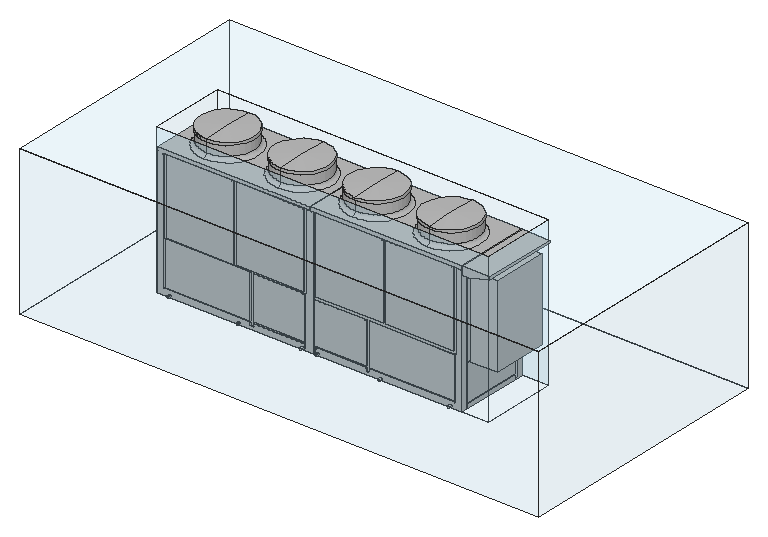
Revit family "VIESSMANN - Energycal AWH Pro AT 200-235", category Wyposażenie mechaniczne, Revit 2017
Family settings
  Wymiar okrągłego złącza = Użyj średnicy
  Typ części = Normalny
  Numer OmniClass = 23.75.10.21.11
  Tytuł OmniClass = Air-Source Heat Pumps
  Oparty na płaszczyźnie roboczej = Nie
  Zawsze pionowo = Tak
  Tnij formami wycięć po wczytaniu = Nie
  Współdzielony = Nie
  Punkt obliczania pomieszczeń = Nie
Parameters (values of type "Wielkość jednostki - 200")
  Zasilanie pomocnicze (V/ph/Hz) = "230/1N~/50+5%"
  Zasilanie elektryczne (V/ph/Hz) = "400/3N~/50+5%"
  Wysokość = 2390 mm
  Współczynnik mocy = 1  # constant formula
  Współczynnik efektywności [COP] (A7W45) = 3.28
  Viessmann Kolor 1 = Viessmann Kolor 2
  URL = "https://www.viessmann-projektant.pl/baza-urzadzen/pompy-ciepla-powietrzewoda-agregaty-wl-50-kw/energycal"
  Tył = 1657 mm
  Typ wymiennika po stronie grzewczej = "Plate exchanger"
  Typ wentylatora = "Osiowy"  # constant formula
  Typ sprężarki = "Reciprocating"
  Szerokość = 5390 mm
  Strefa serwisowa_wysokość = 1958 mm
  Strefa serwisowa_tył = 2000 mm
  Strefa serwisowa_szerokość = 1500 mm  # constant formula
  Strefa serwisowa_przód = 1000 mm
  Strefa serwisowa [instance] = yes
  Stopień wydajności = "4"
  Spadek ciśnienia wody (A7W45) = 25.0 kPa
  SCOP = 2.85
  Prąd nominalny wentylatora = 3.9 A  # constant formula
  Prąd nominalny silnika pompy obiegowej = 6.33 A
  Przód = 3677 mm
  Przepływ powietrza = 92400.0 m³/h
  Producent = "Viessmann Sp. z o.o"  # constant formula
  Połączenia hydrauliczne = 3"
  Poziom mocy akustycznej dB(A) = 97 mm
  Poziom mocy akustycznej - wersja super cicha SLN dB(A) = 0 mm
  Poziom mocy akustycznej - wersja cicha LN dB(A) = 95 mm
  Poziom ciśnienia akustycznego dB(A) = 65 mm
  Poziom ciśnienia akustycznego - wersja super cicha SLN dB(A) = 0 mm
  Poziom ciśnienia akustycznego - wersja cicha LN dB(A) = 59 mm
  Pojemność zbiornika buforowego = 450.00 m³
  Pobór mocy elektrycznej (A7W45) = 62.7 kW
  Opis = "Energycal AWH Pro AT to typoszereg wysokotemperaturowych pomp ciepła z czynnikiem chłodniczym R134a lub R513A osiągających na zasilaniu temperatury wody do 80°C."
  Obciążenie pozorne = Maksymalna moc pobierania / Współczynnik mocy  # 121400 VA
  Nominalna moc pompy = 3 kW
  Nominalna moc grzewcza (A7W45) = 205.6 kW
  Natężenie przepływu wody (A7W45) l/h = 35593
  Natężenie przepływu wody (A7W45) = [Natężenie przepływu wody (A7W45) l/h] / 3600 * 1.0 L/s  # 9.88694 L/s
  Napięcie zasilania = 400 V
  Naczynie wzbiorcze = 18.00 m³
  Model = "Powietrzna pompa ciepła Energycal AWH PRO AT / Air-water heat pump Energycal AWH PRO AT "  # constant formula
  Moc nominalna wentylatora = 1.6 kW  # constant formula
  Moc nominalna silnika pompy obiegowej = 3 kW
  Maksymalny prąd rozruchowy = 491.2 A
  Maksymalny pobór prądu = 257.6 A
  Maksymalna moc pobierania = 121.4 kW
  Liczba wentylatorów = 4
  Liczba biegunów = 3  # constant formula
  Klasa energetyczna = "A+"
  Ilość/Obiegi chłodnicze sprężarki (nr/nr) = "2/2"
  Głębokość = 1208 mm
  Efektywność sezonowa ηs = "110.9 %"
  Częstotliwość = 50 Hz  # constant formula
  Ciśnienie podnoszenia pompy (A7W45) = 173.0 kPa
  Całkowite napełnienie olejem = 14.80 kg
  Całkowite napełnienie czynnikiem chłodniczym = 73.00 kg
  Autor = "www.archispace.pl"
Reference planes
  plane 1 "Środek (Przód/Tył)": y = 0
  plane 2: z = 0
  plane 3 "Środek (Lewa/Prawa)": x = 0
  plane 4: z = 2390
  plane 5: y = 1500
  plane 6: y = -1208
  plane 7: y = -2708
  plane 8: x = -1657
  plane 9: x = 3677
  plane 10: x = -2657
  plane 11: x = 5677
  plane 12: y = 1500
  plane 13: y = -2708
  plane 14: x = -1357
Forms (mm)
  Extrusion 1, solid, material "Viessmann Strefy Serwisowe", visible <- "Strefa serwisowa"
    sketch origin (0, 0, 0) x (0, 1, 0) y (0, 0, 1)
      loop
        line (1500, 2390) -> (0, 2390) -> (0, 0) -> (1500, 0) -> (1500, 2390)
      loop
        line (-2708, 0) -> (-1208, 0) -> (-1208, 2390) -> (-2708, 2390) -> (-2708, 0)
    from -1657 to 3677
  Extrusion 2, solid, material "Viessmann Strefy Serwisowe", visible <- "Strefa serwisowa"
    sketch origin (0, 0, 0) x (1, 0, 0) y (0, 1, 0)
      loop
        line (-1657, 1500) -> (-2657, 1500) -> (-2657, -2708) -> (-1657, -2708) -> (-1657, 1500)
      loop
        line (3677, 1500) -> (3677, -2708) -> (5677, -2708) -> (5677, 1500) -> (3677, 1500)
    from 0 to 2390
  Extrusion 3, solid, not visible
    sketch origin (0, 0, 0) x (0, 1, 0) y (0, 0, 1)
      loop
        circle (-604, 1625.135) r 60
      loop
        circle (-604, 1296.727) r 60
    from 3233 to 3677
  Extrusion 4, solid, not visible
    sketch origin (0, 0, 0) x (0, 1, 0) y (0, 0, 1)
      loop
        circle (-1066.518, 524.225) r 40
      loop
        circle (-1066.518, 174.715) r 40
    from -1666.075 to -1357
Cuts and joins
  joined: Extrusion 1, Extrusion 2
Dimensions and locks
  "Wysokość": plane 4 to level
  locked: plane 5 to plane 1 "Środek (Przód/Tył)" at 1500
  locked: plane 6 to plane 7 at 1500
  "Strefa serwisowa_tył": plane 9 to plane 11
  "Strefa serwisowa_przód": plane 10 to plane 8
  "Głębokość": plane 1 "Środek (Przód/Tył)" to plane 6
  "Głębokość": plane 6 to plane 1 "Środek (Przód/Tył)"
  "Przód": plane 3 "Środek (Lewa/Prawa)" to plane 9
  "Tył": plane 8 to plane 3 "Środek (Lewa/Prawa)"
  plane 13 to plane 6 = 1500 mm
  plane 1 "Środek (Przód/Tył)" to plane 12 = 1500 mm
  plane 4 to level = 2390 mm
  locked: plane 14 to plane 8 at 300
  aligned and locked: level to plane 2
  aligned and locked: Extrusion 1 sketch curve to plane 4
  aligned and locked: Extrusion 1 sketch curve to plane 5
  aligned and locked: Extrusion 1 sketch curve to level
  aligned and locked: plane 7 to Extrusion 1 sketch curve
  aligned and locked: plane 8 to Extrusion 1
  aligned and locked: Extrusion 2 sketch curve to plane 10
  aligned and locked: plane 8 to Extrusion 2 sketch curve
  aligned and locked: plane 9 to Extrusion 2 sketch curve
  aligned and locked: Extrusion 2 sketch curve to plane 11
  aligned and locked: plane 1 "Środek (Przód/Tył)" to cut or joined group of Extrusion 1, Extrusion 2
  aligned and locked: cut or joined group of Extrusion 1, Extrusion 2 to plane 6
  aligned and locked: plane 9 to cut or joined group of Extrusion 1, Extrusion 2
  aligned and locked: cut or joined group of Extrusion 1, Extrusion 2 to plane 12
  aligned and locked: plane 13 to cut or joined group of Extrusion 1, Extrusion 2
  aligned and locked: cut or joined group of Extrusion 1, Extrusion 2 to cut or joined group of Extrusion 1, Extrusion 2
  aligned and locked: nested 1 to Extrusion 3  (x2)
  aligned and locked: plane 14 to Extrusion 4
  aligned and locked: nested 1 to Extrusion 4
Automatic sketch dimensions
  Extrusion 2 sketch curve to plane 5 = 0 mm
  Extrusion 2 sketch curve to plane 7 = 0 mm
  plane 5 to Extrusion 2 sketch curve = 0 mm
  plane 7 to Extrusion 2 sketch curve = 0 mm
  Extrusion 1 sketch curve to plane 4 = 0 mm
  Extrusion 1 sketch curve to plane 6 = 0 mm
  Extrusion 1 sketch curve to plane 1 "Środek (Przód/Tył)" = 0 mm
  level to Extrusion 1 sketch curve = 0 mm
  Extrusion 3 sketch curve to plane 6 = 604 mm
  Extrusion 3 sketch curve to Extrusion 3 sketch curve = 0 mm
  Extrusion 3 sketch curve to plane 4 = 1093.273 mm
  Extrusion 3 sketch curve to Extrusion 3 sketch curve = 328.408 mm
  Extrusion 4 sketch curve to plane 6 = 141.482 mm  (x2)
  level to Extrusion 4 sketch curve = 174.715 mm
  Extrusion 4 sketch curve to Extrusion 4 sketch curve = 349.51 mm
  radius of Extrusion 3 sketch curve = 60 mm  (x2)
  radius of Extrusion 4 sketch curve = 40 mm  (x2)
Nested families
  nested 1: "AWH PRO AT EVO 200-235" at (0, -1238, 0) x (-1, 0, 0) z (0, 0, 1), type "AWH PRO AT EVO 200-235"
Connectors
  electrical at (3677, -604, 1296.727)
    settings: on Extrusion 3, index 1, voltage 0 V, apparent load 0 VA, apparent load phase1 0 VA, apparent load phase2 0 VA, apparent load phase3 0 VA, power factor 1, load classification "Inne", number of poles 1, system type 13, power factor state 1, is connector primary yes, connector utility no, sub classification motor no, connector description ""
  electrical at (3677, -604, 1625.135), driven by "Liczba biegunów", driven by "Napięcie zasilania", driven by "Obciążenie pozorne", driven by "Współczynnik mocy"
    settings: on Extrusion 3, index 2, voltage 400 V, apparent load 121400 VA, apparent load phase1 0 VA, apparent load phase2 0 VA, apparent load phase3 0 VA, power factor 1, load classification "Moc", number of poles 3, system type 30, power factor state 1, is connector primary no, connector utility no, sub classification motor no, connector description ""
  piping at (-1666.075, -1066.518, 524.225), diameter 76.2, driven by "Połączenia hydrauliczne", driven by "Natężenie przepływu wody (A7W45)"
    settings: on Extrusion 4, index 4, connector inside diameter 24", connector length 0 mm, flow factor 0, pipe flow 9.88694 L/s, pressure drop 0.0 Pa, fitting loss kfactor 0, connector angle 0.00°, fixture units 0, engagement length 0 mm, angle of deflection 0.00°, flow configuration 1, flow direction 1, fitting loss method 0, system type 8, joint type 0, gender type 0, connector reference index -1, connector utility 0, adjustable connector no, is connector primary yes, connector description ""
  piping at (-1666.075, -1066.518, 174.715), diameter 76.2, driven by "Natężenie przepływu wody (A7W45)", driven by "Połączenia hydrauliczne"
    settings: on Extrusion 4, index 6, connector inside diameter 24", connector length 0 mm, flow factor 0, pipe flow 9.88694 L/s, pressure drop 0.0 Pa, fitting loss kfactor 0, connector angle 0.00°, fixture units 0, engagement length 0 mm, angle of deflection 0.00°, flow configuration 1, flow direction 2, fitting loss method 0, system type 7, joint type 0, gender type 0, connector reference index -1, connector utility 0, adjustable connector no, is connector primary no, connector description ""
Definition of nested family "AWH PRO AT EVO 200-235"
  Parameters (values of type "AWH PRO AT EVO 200-235")
    Wysokość = 2388 mm
    URL = ""
    Szerokość = 1208 mm
    Manufacturer = ""
    Podłączenie Uout wysokość = 187 mm
    Podłączenie Uin wysokość = 524 mm
    Podłączenie Rout wysokość = 1337 mm
    Podłączenie Rin wysokość = 947 mm
    Description = ""
    Model = ""
    Materiał2 = none
    Materiał = none
    Długość = 4888 mm
  Reference planes
    plane 1 "Środek (Przód/Tył)": y = -30
    plane 2: z = 0
    plane 3 "Środek (Lewa/Prawa)": x = 0
    plane 4: y = -1238
    plane 5: z = 2106
    plane 6: x = 1754
    plane 7: x = -1714
    plane 8: x = 1714
    plane 9: z = 2388
    plane 10: x = -3134
    plane 11: y = -634
    plane 12: y = -634
    plane 13: y = -634
    plane 14: y = -634
    plane 15: y = -634
    plane 16: y = -634
    plane 17: y = -634
    plane 18: y = -634
  Forms (mm)
    Extrusion 1, solid, material <- "Materiał", not visible, detail levels fine
      sketch origin (0, -734, 0) x (1, 0, 0) y (0, 1, 0)
        loop
          line (-3134, 704) -> (-3134, -504) -> (1754, -504) -> (1754, 704) -> (-3134, 704)
      from 0 to 2106
    Extrusion 2, void, not visible
      sketch origin (0, -734, 0) x (1, 0, 0) y (0, 1, 0)
        loop
          line (1754, 664) -> (-3134, 664) -> (-3134, -464) -> (1754, -464) -> (1754, 664)
      from 0 to 20
    Extrusion 3, solid, material <- "Materiał", not visible, detail levels coarse
      sketch origin (0, 0, 0) x (1, 0, 0) y (0, 1, 0)
        loop
          line (-3134, -30) -> (-3134, -1238) -> (1754, -1238) -> (1754, -30) -> (-3134, -30)
      from 0 to 2106
    Extrusion 4, solid, material <- "Materiał", not visible, detail levels medium
      sketch origin (0, -30, 0) x (1, 0, 0) y (0, 0, 1)
        loop
          line (-3134, 2106) -> (-3134, 0) -> (1765.075, 0) -> (1765.075, 2106) -> (-3134, 2106)
      from 0 to 1208
    Revolve 5, solid, material <- "Materiał", not visible, detail levels medium
      sketch origin (-1344.474, 0, 0) x (0, 1, 0) y (0, 0, 1)
        loop
          line (-634, 2106) -> (-634, 2388) -> (-1065, 2388) -> (-1065, 2331) -> (-1055, 2331) -> (-1055, 2171) -> (-1113.526, 2106) -> (-634, 2106)
        axis (-634, 2388) -> (-634, 2106)
      angle from 0 to 360
    Revolve 6, solid, material <- "Materiał", not visible, detail levels medium
      sketch origin (-65.176, 0, 0) x (0, 1, 0) y (0, 0, 1)
        loop
          line (-634, 2106) -> (-634, 2388) -> (-1065, 2388) -> (-1065, 2331) -> (-1055, 2331) -> (-1055, 2171) -> (-1113.526, 2106) -> (-634, 2106)
        axis (-634, 2388) -> (-634, 2106)
      angle from 0 to 360
    Extrusion 7, solid, material <- "Materiał", not visible, detail levels coarse
      sketch origin (-2308.294, 0, 0) x (-1, 0, 0) y (0, -1, 0)
        loop
          circle (176.18, 634) r 479.526
        loop
          circle (-963.82, 634) r 479.526
        loop
          circle (-2243.118, 634) r 479.526
        loop
          circle (-3412.768, 634) r 479.526
      from 2106 to 2388
    Revolve 8, solid, material <- "Materiał", not visible, detail levels medium
      sketch origin (-2484.474, 0, 0) x (0, 1, 0) y (0, 0, 1)
        loop
          line (-634, 2106) -> (-634, 2388) -> (-1065, 2388) -> (-1065, 2331) -> (-1055, 2331) -> (-1055, 2171) -> (-1113.526, 2106) -> (-634, 2106)
        axis (-634, 2388) -> (-634, 2106)
      angle from 0 to 360
    Extrusion 9, solid, not visible, detail levels fine
      sketch origin (0, -30, 0) x (1, 0, 0) y (0, 0, 1)
        loop
          circle (439.649, 29.398) r 15
        loop
          circle (1557.54, 29.398) r 15
        loop
          circle (-578.243, 29.398) r 15
        loop
          circle (-1838.771, 29.398) r 15
        loop
          circle (-2956.663, 29.398) r 15
        loop
          circle (-820.879, 29.398) r 15
      from -33.185 to 0.02
    Revolve 10, solid, material <- "Materiał", not visible, detail levels fine
      sketch origin (-2484.474, 0, 0) x (0, 1, 0) y (0, 0, -1)
        loop
          line (-634, -2106) -> (-634, -2388)
          arc (-634, -2388) -> (-418.253, -2384.856) -> (-203, -2369.942) r 3952.249
          line (-203, -2369.942) -> (-203, -2331) -> (-213, -2331) -> (-213, -2171)
          arc (-213, -2171) -> (-196.212, -2127.267) -> (-154.474, -2106) r 65.358
          line (-154.474, -2106) -> (-634, -2106)
        axis (-634, -2388) -> (-634, -2106)
      angle from 0 to 360
    Revolve 11, solid, material <- "Materiał", not visible, detail levels fine
      sketch origin (1104.474, 0, 0) x (0, 1, 0) y (0, 0, 1)
        loop
          line (-634, 2106) -> (-154.474, 2106)
          arc (-154.474, 2106) -> (-196.212, 2127.267) -> (-213, 2171) r 65.358
          line (-213, 2171) -> (-213, 2331) -> (-203, 2331) -> (-203, 2369.942)
          arc (-203, 2369.942) -> (-418.253, 2384.856) -> (-634, 2388) r 3952.249
          line (-634, 2388) -> (-634, 2106)
        axis (-634, 2388) -> (-634, 2106)
      angle from 0 to 360
    Revolve 12, solid, material <- "Materiał", not visible, detail levels fine
      sketch origin (-65.176, 0, 0) x (0, 1, 0) y (0, 0, 1)
        loop
          line (-634, 2106) -> (-154.474, 2106)
          arc (-154.474, 2106) -> (-196.212, 2127.267) -> (-213, 2171) r 65.358
          line (-213, 2171) -> (-213, 2331) -> (-203, 2331) -> (-203, 2369.942)
          arc (-203, 2369.942) -> (-418.253, 2384.856) -> (-634, 2388) r 3952.249
          line (-634, 2388) -> (-634, 2106)
        axis (-634, 2388) -> (-634, 2106)
      angle from 0 to 360
    Revolve 13, solid, material <- "Materiał", not visible, detail levels fine
      sketch origin (-1344.474, 0, 0) x (0, 1, 0) y (0, 0, -1)
        loop
          line (-634, -2106) -> (-634, -2388)
          arc (-634, -2388) -> (-418.253, -2384.856) -> (-203, -2369.942) r 3952.249
          line (-203, -2369.942) -> (-203, -2331) -> (-213, -2331) -> (-213, -2171)
          arc (-213, -2171) -> (-196.212, -2127.267) -> (-154.474, -2106) r 65.358
          line (-154.474, -2106) -> (-634, -2106)
        axis (-634, -2388) -> (-634, -2106)
      angle from 0 to 360
    Revolve 14, solid, material <- "Materiał", not visible, detail levels medium
      sketch origin (1104.474, 0, 0) x (0, 1, 0) y (0, 0, 1)
        loop
          line (-634, 2106) -> (-634, 2388) -> (-1065, 2388) -> (-1065, 2331) -> (-1055, 2331) -> (-1055, 2171) -> (-1113.526, 2106) -> (-634, 2106)
        axis (-634, 2388) -> (-634, 2106)
      angle from 0 to 360
    Extrusion 15, solid, material <- "Materiał", not visible, detail levels coarse
      sketch origin (0, 0, 0) x (1, 0, 0) y (0, 1, 0)
        loop
          line (-3134, -1238) -> (-3134, -30) -> (-3578, -30) -> (-3578, -1238) -> (-3134, -1238)
      from 658.447 to 2106
    Extrusion 16, solid, material <- "Materiał", not visible, detail levels medium
      sketch origin (0, 0, 0) x (1, 0, 0) y (0, 1, 0)
        loop
          line (-3134, -1088) -> (-3134, -198.333) -> (-3578, -198.333) -> (-3578, -1088) -> (-3134, -1088)
      from 658.447 to 1974.042
    Extrusion 17, solid, material <- "Materiał", not visible, detail levels fine
      sketch origin (0, -18.856, 0) x (1, 0, 0) y (0, 1, 0)
        loop
          line (-3134, -1069.144) -> (-3134, -179.477) -> (-3578, -179.477) -> (-3578, -1069.144) -> (-3134, -1069.144)
      from 658.447 to 1974.042
    Sweep 18, void, not visible
      path origin (0, 0, 0) x (0, 1, 0) y (0, 0, 1)
        loop
          line (-30, 2053) -> (-30, 2106) -> (-1238, 2106) -> (-1238, 2053)
      profile origin (0, -30, 2079.5) x (0, -1, 0) y (1, 0, 0)
        loop
          line (0, -704.825) -> (0, -714.825) -> (7.5, -714.825) -> (7.5, -694.825) -> (0, -694.825) -> (0, -704.825)
    Extrusion 19, solid, not visible, detail levels fine
      sketch origin (0, -1238, 0) x (1, 0, 0) y (0, 0, -1)
        loop
          circle (439.649, -29.398) r 15
        loop
          circle (1557.54, -29.398) r 15
        loop
          circle (-578.243, -29.398) r 15
        loop
          circle (-1838.771, -29.398) r 15
        loop
          circle (-2956.663, -29.398) r 15
        loop
          circle (-820.879, -29.398) r 15
      from -33.185 to 0.02
    Extrusion 20, void, not visible
      sketch origin (0, -30, 0) x (1, 0, 0) y (0, 0, 1)
        loop
          line (1748.736, 2053) -> (-3134, 2053) -> (-3134, 2046) -> (-3053.122, 2046) -> (-3053.122, 796) -> (-3046.605, 796) -> (-3046.605, 126) -> (-3053.122, 126) -> (-3053.122, 106) -> (-1665.771, 106) -> (-1665.771, 66) -> (-1605.771, 66) -> (-1605.771, 106) -> (-850.771, 106) -> (-794.271, 106) -> (-794.271, 20) -> (-765.233, 20) -> (-765.233, 796) -> (-758.771, 796) -> (-758.771, 2046) -> (-645.615, 2046) -> (-645.615, 826) -> (-639.11, 826) -> (-639.11, 20) -> (-610.122, 20) -> (-610.122, 106) -> (201.385, 106) -> (201.385, 66) -> (261.385, 66) -> (261.385, 106) -> (1648.736, 106) -> (1648.736, 126) -> (1642.201, 126) -> (1642.201, 826) -> (1648.736, 826) -> (1648.736, 2046) -> (1748.736, 2046) -> (1748.736, 2053)
        loop
          line (1608.736, 2046) -> (521.385, 2046) -> (521.385, 846) -> (1608.736, 846) -> (1608.736, 2046)
        loop
          line (481.385, 2046) -> (-605.615, 2046) -> (-605.615, 846) -> (481.385, 846) -> (481.385, 2046)
        loop
          line (-3013.122, 2046) -> (-3013.122, 846) -> (-1925.771, 846) -> (-1925.771, 2046) -> (-3013.122, 2046)
        loop
          line (-1885.771, 2046) -> (-1885.771, 846) -> (-798.771, 846) -> (-798.771, 2046) -> (-1885.771, 2046)
        loop
          line (-619.11, 826) -> (-619.11, 126) -> (201.385, 126) -> (201.385, 826) -> (-619.11, 826)
        loop
          line (1622.201, 826) -> (261.385, 826) -> (261.385, 126) -> (1622.201, 126) -> (1622.201, 826)
        loop
          line (-1605.771, 126) -> (-785.233, 126) -> (-785.233, 796) -> (-1605.771, 796) -> (-1605.771, 126)
        loop
          line (-1665.771, 126) -> (-1665.771, 796) -> (-3026.605, 796) -> (-3026.605, 126) -> (-1665.771, 126)
      from 0 to 2.477
    Extrusion 21, void, not visible
      sketch origin (0, -1238, 0) x (1, 0, 0) y (0, 0, -1)
        loop
          line (1748.736, -2053) -> (1748.736, -2046) -> (1648.736, -2046) -> (1648.736, -826) -> (1642.201, -826) -> (1642.201, -126) -> (1648.736, -126) -> (1648.736, -106) -> (261.385, -106) -> (261.385, -66) -> (201.385, -66) -> (201.385, -106) -> (-610.122, -106) -> (-610.122, -20) -> (-639.11, -20) -> (-639.11, -826) -> (-645.615, -826) -> (-645.615, -2046) -> (-758.771, -2046) -> (-758.771, -796) -> (-765.233, -796) -> (-765.233, -20) -> (-794.271, -20) -> (-794.271, -106) -> (-850.771, -106) -> (-1605.771, -106) -> (-1605.771, -66) -> (-1665.771, -66) -> (-1665.771, -106) -> (-3053.122, -106) -> (-3053.122, -126) -> (-3046.605, -126) -> (-3046.605, -796) -> (-3053.122, -796) -> (-3053.122, -2046) -> (-3134, -2046) -> (-3134, -2053) -> (1748.736, -2053)
        loop
          line (1608.736, -2046) -> (1608.736, -846) -> (521.385, -846) -> (521.385, -2046) -> (1608.736, -2046)
        loop
          line (481.385, -2046) -> (481.385, -846) -> (-605.615, -846) -> (-605.615, -2046) -> (481.385, -2046)
        loop
          line (-3013.122, -2046) -> (-1925.771, -2046) -> (-1925.771, -846) -> (-3013.122, -846) -> (-3013.122, -2046)
        loop
          line (-1885.771, -2046) -> (-798.771, -2046) -> (-798.771, -846) -> (-1885.771, -846) -> (-1885.771, -2046)
        loop
          line (-619.11, -826) -> (201.385, -826) -> (201.385, -126) -> (-619.11, -126) -> (-619.11, -826)
        loop
          line (1622.201, -826) -> (1622.201, -126) -> (261.385, -126) -> (261.385, -826) -> (1622.201, -826)
        loop
          line (-1605.771, -126) -> (-1605.771, -796) -> (-785.233, -796) -> (-785.233, -126) -> (-1605.771, -126)
        loop
          line (-1665.771, -126) -> (-3026.605, -126) -> (-3026.605, -796) -> (-1665.771, -796) -> (-1665.771, -126)
      from 0 to 2.477
    Extrusion 22, solid, not visible, detail levels fine
      sketch origin (0, 0, 0) x (0, 1, 0) y (0, 0, 1)
        loop
          line (-1238, 2046) -> (-1135.523, 2046) -> (-1135.523, 20) -> (-1128.523, 20) -> (-1128.523, 70.093) -> (-139.477, 70.093) -> (-139.477, 20) -> (-132.477, 20) -> (-132.477, 2046) -> (-30, 2046) -> (-30, 2053) -> (-1238, 2053) -> (-1238, 2046)
        loop
          line (-1128.523, 2046) -> (-1128.523, 665.447) -> (-139.477, 665.447) -> (-139.477, 2046) -> (-1128.523, 2046)
        loop
          line (-1128.523, 658.447) -> (-1128.523, 77.093) -> (-139.477, 77.093) -> (-139.477, 658.447) -> (-1128.523, 658.447)
      from 1751.488 to 1754
    Extrusion 23, solid, not visible, detail levels fine
      sketch origin (-1380, 0, 0) x (0, 1, 0) y (0, 0, -1)
        loop
          line (-1238, -2046) -> (-1238, -2053) -> (-30, -2053) -> (-30, -2046) -> (-132.477, -2046) -> (-132.477, -20) -> (-139.477, -20) -> (-139.477, -70.093) -> (-1128.523, -70.093) -> (-1128.523, -20) -> (-1135.523, -20) -> (-1135.523, -2046) -> (-1238, -2046)
        loop
          line (-1128.523, -2046) -> (-139.477, -2046) -> (-139.477, -665.447) -> (-1128.523, -665.447) -> (-1128.523, -2046)
        loop
          line (-1128.523, -658.447) -> (-139.477, -658.447) -> (-139.477, -77.093) -> (-1128.523, -77.093) -> (-1128.523, -658.447)
      from 1751.488 to 1754
    Extrusion 24, solid, material <- "Materiał", not visible, detail levels fine
      sketch origin (0, -30, 0) x (1, 0, 0) y (0, 0, 1)
        loop
          line (-3134, 2106) -> (-3594, 2106) -> (-3594, 2066) -> (-3250.806, 1974.042) -> (-3134, 1974.042) -> (-3134, 2106)
      from 0 to 1208
    Extrusion 25, solid, material <- "Materiał", not visible, detail levels medium
      sketch origin (0, -30, 0) x (1, 0, 0) y (0, 0, 1)
        loop
          line (-3134, 2106) -> (-3594, 2106) -> (-3594, 1974.042) -> (-3134, 1974.042) -> (-3134, 2106)
      from 0 to 1208
    Extrusion 26, solid, material <- "Materiał", detail levels fine
      sketch origin (-99, -734, 0) x (1, 0, 0) y (0, 1, 0)
        loop
          line (-3134, 704) -> (-3134, -504) -> (1754, -504) -> (1754, 704) -> (-3134, 704)
      from 0 to 2106
    Extrusion 27, solid, material <- "Materiał", detail levels coarse
      sketch origin (-99, 0, 0) x (1, 0, 0) y (0, 1, 0)
        loop
          line (-3134, -30) -> (-3134, -1238) -> (1754, -1238) -> (1754, -30) -> (-3134, -30)
      from 0 to 2106
    Extrusion 28, solid, material <- "Materiał", detail levels medium
      sketch origin (-99, -30, 0) x (1, 0, 0) y (0, 0, 1)
        loop
          line (-3134, 2106) -> (-3134, 0) -> (1765.075, 0) -> (1765.075, 2106) -> (-3134, 2106)
      from 0 to 1208
    Revolve 29, solid, material <- "Materiał", detail levels medium
      sketch origin (-1388.327, 0, 0) x (0, 1, 0) y (0, 0, 1)
        loop
          line (-634, 2106) -> (-634, 2388) -> (-1065, 2388) -> (-1065, 2331) -> (-1055, 2331) -> (-1055, 2171) -> (-1113.526, 2106) -> (-634, 2106)
        axis (-634, 2388) -> (-634, 2106)
      angle from 0 to 360
    Revolve 30, solid, material <- "Materiał", detail levels medium
      sketch origin (-189.779, 0, 0) x (0, 1, 0) y (0, 0, 1)
        loop
          line (-634, 2106) -> (-634, 2388) -> (-1065, 2388) -> (-1065, 2331) -> (-1055, 2331) -> (-1055, 2171) -> (-1113.526, 2106) -> (-634, 2106)
        axis (-634, 2388) -> (-634, 2106)
      angle from 0 to 360
    Extrusion 31, solid, material <- "Materiał", detail levels coarse
      sketch origin (-2407.294, 0, 0) x (-1, 0, 0) y (0, -1, 0)
        loop
          circle (176.18, 634) r 479.526
        loop
          circle (-1019.073, 634) r 479.526
        loop
          circle (-2217.515, 634) r 479.526
        loop
          circle (-3412.768, 634) r 479.526
      from 2106 to 2388
    Revolve 32, solid, material <- "Materiał", detail levels medium
      sketch origin (-2583.474, 0, 0) x (0, 1, 0) y (0, 0, 1)
        loop
          line (-634, 2106) -> (-634, 2388) -> (-1065, 2388) -> (-1065, 2331) -> (-1055, 2331) -> (-1055, 2171) -> (-1113.526, 2106) -> (-634, 2106)
        axis (-634, 2388) -> (-634, 2106)
      angle from 0 to 360
    Extrusion 33, solid, detail levels fine
      sketch origin (-99, -30, 0) x (1, 0, 0) y (0, 0, 1)
        loop
          circle (439.649, 29.398) r 15
        loop
          circle (1557.54, 29.398) r 15
        loop
          circle (-578.243, 29.398) r 15
        loop
          circle (-1838.771, 29.398) r 15
        loop
          circle (-2956.663, 29.398) r 15
        loop
          circle (-820.879, 29.398) r 15
      from -33.185 to 0.02
    Revolve 34, solid, material <- "Materiał", detail levels fine
      sketch origin (-2583.474, 0, 0) x (0, 1, 0) y (0, 0, -1)
        loop
          line (-634, -2106) -> (-634, -2388)
          arc (-634, -2388) -> (-418.253, -2384.856) -> (-203, -2369.942) r 3952.249
          line (-203, -2369.942) -> (-203, -2331) -> (-213, -2331) -> (-213, -2171)
          arc (-213, -2171) -> (-196.212, -2127.267) -> (-154.474, -2106) r 65.358
          line (-154.474, -2106) -> (-634, -2106)
        axis (-634, -2388) -> (-634, -2106)
      angle from 0 to 360
    Revolve 35, solid, material <- "Materiał", detail levels fine
      sketch origin (1005.474, 0, 0) x (0, 1, 0) y (0, 0, 1)
        loop
          line (-634, 2106) -> (-154.474, 2106)
          arc (-154.474, 2106) -> (-196.212, 2127.267) -> (-213, 2171) r 65.358
          line (-213, 2171) -> (-213, 2331) -> (-203, 2331) -> (-203, 2369.942)
          arc (-203, 2369.942) -> (-418.253, 2384.856) -> (-634, 2388) r 3952.249
          line (-634, 2388) -> (-634, 2106)
        axis (-634, 2388) -> (-634, 2106)
      angle from 0 to 360
    Revolve 36, solid, material <- "Materiał", detail levels fine
      sketch origin (-189.779, 0, 0) x (0, 1, 0) y (0, 0, 1)
        loop
          line (-634, 2106) -> (-154.474, 2106)
          arc (-154.474, 2106) -> (-196.212, 2127.267) -> (-213, 2171) r 65.358
          line (-213, 2171) -> (-213, 2331) -> (-203, 2331) -> (-203, 2369.942)
          arc (-203, 2369.942) -> (-418.253, 2384.856) -> (-634, 2388) r 3952.249
          line (-634, 2388) -> (-634, 2106)
        axis (-634, 2388) -> (-634, 2106)
      angle from 0 to 360
    Revolve 37, solid, material <- "Materiał", detail levels fine
      sketch origin (-1388.221, 0, 0) x (0, 1, 0) y (0, 0, -1)
        loop
          line (-634, -2106) -> (-634, -2388)
          arc (-634, -2388) -> (-418.253, -2384.856) -> (-203, -2369.942) r 3952.249
          line (-203, -2369.942) -> (-203, -2331) -> (-213, -2331) -> (-213, -2171)
          arc (-213, -2171) -> (-196.212, -2127.267) -> (-154.474, -2106) r 65.358
          line (-154.474, -2106) -> (-634, -2106)
        axis (-634, -2388) -> (-634, -2106)
      angle from 0 to 360
    Revolve 38, solid, material <- "Materiał", detail levels medium
      sketch origin (1005.474, 0, 0) x (0, 1, 0) y (0, 0, 1)
        loop
          line (-634, 2106) -> (-634, 2388) -> (-1065, 2388) -> (-1065, 2331) -> (-1055, 2331) -> (-1055, 2171) -> (-1113.526, 2106) -> (-634, 2106)
        axis (-634, 2388) -> (-634, 2106)
      angle from 0 to 360
    Extrusion 39, solid, material <- "Materiał", detail levels coarse
      sketch origin (-99, 0, 0) x (1, 0, 0) y (0, 1, 0)
        loop
          line (-3134, -1238) -> (-3134, -30) -> (-3578, -30) -> (-3578, -1238) -> (-3134, -1238)
      from 658.447 to 2106
    Extrusion 40, solid, material <- "Materiał", detail levels medium
      sketch origin (-99, 0, 0) x (1, 0, 0) y (0, 1, 0)
        loop
          line (-3134, -1088) -> (-3134, -198.333) -> (-3578, -198.333) -> (-3578, -1088) -> (-3134, -1088)
      from 658.447 to 1974.042
    Extrusion 41, solid, material <- "Materiał", detail levels fine
      sketch origin (-99, -18.856, 0) x (1, 0, 0) y (0, 1, 0)
        loop
          line (-3134, -1069.144) -> (-3134, -179.477) -> (-3578, -179.477) -> (-3578, -1069.144) -> (-3134, -1069.144)
      from 658.447 to 1974.042
    Sweep 42, void
      path origin (-99, 0, 0) x (0, 1, 0) y (0, 0, 1)
        loop
          line (-30, 2053) -> (-30, 2106) -> (-1238, 2106) -> (-1238, 2053)
      profile origin (-99, -30, 2079.5) x (0, -1, 0) y (1, 0, 0)
        loop
          line (0, -704.825) -> (0, -714.825) -> (7.5, -714.825) -> (7.5, -694.825) -> (0, -694.825) -> (0, -704.825)
    Extrusion 43, solid, detail levels fine
      sketch origin (-99, -1238, 0) x (1, 0, 0) y (0, 0, -1)
        loop
          circle (439.649, -29.398) r 15
        loop
          circle (1557.54, -29.398) r 15
        loop
          circle (-578.243, -29.398) r 15
        loop
          circle (-1838.771, -29.398) r 15
        loop
          circle (-2956.663, -29.398) r 15
        loop
          circle (-820.879, -29.398) r 15
      from -33.185 to 0.02
    Extrusion 44, void
      sketch origin (-99, -30, 0) x (1, 0, 0) y (0, 0, 1)
        loop
          line (1748.736, 2053) -> (-3134, 2053) -> (-3134, 2046) -> (-3053.122, 2046) -> (-3053.122, 796) -> (-3046.605, 796) -> (-3046.605, 126) -> (-3053.122, 126) -> (-3053.122, 106) -> (-1665.771, 106) -> (-1665.771, 66) -> (-1605.771, 66) -> (-1605.771, 106) -> (-850.771, 106) -> (-794.271, 106) -> (-794.271, 20) -> (-765.233, 20) -> (-765.233, 796) -> (-758.771, 796) -> (-758.771, 2046) -> (-645.615, 2046) -> (-645.615, 826) -> (-639.11, 826) -> (-639.11, 20) -> (-610.122, 20) -> (-610.122, 106) -> (201.385, 106) -> (201.385, 66) -> (261.385, 66) -> (261.385, 106) -> (1648.736, 106) -> (1648.736, 126) -> (1642.201, 126) -> (1642.201, 826) -> (1648.736, 826) -> (1648.736, 2046) -> (1748.736, 2046) -> (1748.736, 2053)
        loop
          line (1608.736, 2046) -> (521.385, 2046) -> (521.385, 846) -> (1608.736, 846) -> (1608.736, 2046)
        loop
          line (481.385, 2046) -> (-605.615, 2046) -> (-605.615, 846) -> (481.385, 846) -> (481.385, 2046)
        loop
          line (-3013.122, 2046) -> (-3013.122, 846) -> (-1925.771, 846) -> (-1925.771, 2046) -> (-3013.122, 2046)
        loop
          line (-1885.771, 2046) -> (-1885.771, 846) -> (-798.771, 846) -> (-798.771, 2046) -> (-1885.771, 2046)
        loop
          line (-619.11, 826) -> (-619.11, 126) -> (201.385, 126) -> (201.385, 826) -> (-619.11, 826)
        loop
          line (1622.201, 826) -> (261.385, 826) -> (261.385, 126) -> (1622.201, 126) -> (1622.201, 826)
        loop
          line (-1605.771, 126) -> (-785.233, 126) -> (-785.233, 796) -> (-1605.771, 796) -> (-1605.771, 126)
        loop
          line (-1665.771, 126) -> (-1665.771, 796) -> (-3026.605, 796) -> (-3026.605, 126) -> (-1665.771, 126)
      from 0 to 2.477
    Extrusion 45, void
      sketch origin (-99, -1238, 0) x (1, 0, 0) y (0, 0, -1)
        loop
          line (1748.736, -2053) -> (1748.736, -2046) -> (1648.736, -2046) -> (1648.736, -826) -> (1642.201, -826) -> (1642.201, -126) -> (1648.736, -126) -> (1648.736, -106) -> (261.385, -106) -> (261.385, -66) -> (201.385, -66) -> (201.385, -106) -> (-610.122, -106) -> (-610.122, -20) -> (-639.11, -20) -> (-639.11, -826) -> (-645.615, -826) -> (-645.615, -2046) -> (-758.771, -2046) -> (-758.771, -796) -> (-765.233, -796) -> (-765.233, -20) -> (-794.271, -20) -> (-794.271, -106) -> (-850.771, -106) -> (-1605.771, -106) -> (-1605.771, -66) -> (-1665.771, -66) -> (-1665.771, -106) -> (-3053.122, -106) -> (-3053.122, -126) -> (-3046.605, -126) -> (-3046.605, -796) -> (-3053.122, -796) -> (-3053.122, -2046) -> (-3134, -2046) -> (-3134, -2053) -> (1748.736, -2053)
        loop
          line (1608.736, -2046) -> (1608.736, -846) -> (521.385, -846) -> (521.385, -2046) -> (1608.736, -2046)
        loop
          line (481.385, -2046) -> (481.385, -846) -> (-605.615, -846) -> (-605.615, -2046) -> (481.385, -2046)
        loop
          line (-3013.122, -2046) -> (-1925.771, -2046) -> (-1925.771, -846) -> (-3013.122, -846) -> (-3013.122, -2046)
        loop
          line (-1885.771, -2046) -> (-798.771, -2046) -> (-798.771, -846) -> (-1885.771, -846) -> (-1885.771, -2046)
        loop
          line (-619.11, -826) -> (201.385, -826) -> (201.385, -126) -> (-619.11, -126) -> (-619.11, -826)
        loop
          line (1622.201, -826) -> (1622.201, -126) -> (261.385, -126) -> (261.385, -826) -> (1622.201, -826)
        loop
          line (-1605.771, -126) -> (-1605.771, -796) -> (-785.233, -796) -> (-785.233, -126) -> (-1605.771, -126)
        loop
          line (-1665.771, -126) -> (-3026.605, -126) -> (-3026.605, -796) -> (-1665.771, -796) -> (-1665.771, -126)
      from 0 to 2.477
    Extrusion 46, solid, detail levels fine
      sketch origin (-99, 0, 0) x (0, 1, 0) y (0, 0, 1)
        loop
          line (-1238, 2046) -> (-1135.523, 2046) -> (-1135.523, 20) -> (-1128.523, 20) -> (-1128.523, 70.093) -> (-139.477, 70.093) -> (-139.477, 20) -> (-132.477, 20) -> (-132.477, 2046) -> (-30, 2046) -> (-30, 2053) -> (-1238, 2053) -> (-1238, 2046)
        loop
          line (-1128.523, 2046) -> (-1128.523, 665.447) -> (-139.477, 665.447) -> (-139.477, 2046) -> (-1128.523, 2046)
        loop
          line (-1128.523, 658.447) -> (-1128.523, 77.093) -> (-139.477, 77.093) -> (-139.477, 658.447) -> (-1128.523, 658.447)
      from 1751.488 to 1754
    Extrusion 47, solid, detail levels fine
      sketch origin (-1479, 0, 0) x (0, 1, 0) y (0, 0, -1)
        loop
          line (-1238, -2046) -> (-1238, -2053) -> (-30, -2053) -> (-30, -2046) -> (-132.477, -2046) -> (-132.477, -20) -> (-139.477, -20) -> (-139.477, -70.093) -> (-1128.523, -70.093) -> (-1128.523, -20) -> (-1135.523, -20) -> (-1135.523, -2046) -> (-1238, -2046)
        loop
          line (-1128.523, -2046) -> (-139.477, -2046) -> (-139.477, -665.447) -> (-1128.523, -665.447) -> (-1128.523, -2046)
        loop
          line (-1128.523, -658.447) -> (-139.477, -658.447) -> (-139.477, -77.093) -> (-1128.523, -77.093) -> (-1128.523, -658.447)
      from 1751.488 to 1754
    Extrusion 48, solid, material <- "Materiał", detail levels fine
      sketch origin (-99, -30, 0) x (1, 0, 0) y (0, 0, 1)
        loop
          line (-3134, 2106) -> (-3594, 2106) -> (-3594, 2066) -> (-3250.806, 1974.042) -> (-3134, 1974.042) -> (-3134, 2106)
      from 0 to 1208
    Extrusion 49, solid, material <- "Materiał", detail levels medium
      sketch origin (-99, -30, 0) x (1, 0, 0) y (0, 0, 1)
        loop
          line (-3134, 2106) -> (-3594, 2106) -> (-3594, 1974.042) -> (-3134, 1974.042) -> (-3134, 2106)
      from 0 to 1208
  Cuts and joins
    Sweep 42, Extrusion 44, Extrusion 45 cuts Extrusion 26
    Extrusion 44 cuts Extrusion 39
    Extrusion 44 cuts Extrusion 48
    Extrusion 44 cuts Extrusion 49
  Dimensions and locks
    locked: plane 8 to plane 6 at 40
    "Wysokość": plane 9 to level
    "Szerokość": plane 1 "Środek (Przód/Tył)" to plane 4
    plane 5 to level = 2106 mm
    locked: plane 9 to plane 5 at 282
    "Długość": plane 10 to plane 6
    aligned and locked: level to plane 2
    aligned and locked: Extrusion 31 to Extrusion 27
    aligned and locked: Extrusion 40 to Extrusion 41
  Automatic sketch dimensions
    Revolve 5 sketch curve to plane 11 = 0 mm  (x2)
    Revolve 5 sketch curve to Revolve 5 sketch curve = 10 mm
    Revolve 5 sketch curve to Revolve 5 sketch curve = 58.526 mm
    Revolve 6 sketch curve to plane 12 = 0 mm  (x2)
    Revolve 6 sketch curve to Revolve 6 sketch curve = 10 mm
    Revolve 6 sketch curve to Revolve 6 sketch curve = 58.526 mm
    Revolve 8 sketch curve to plane 13 = 0 mm  (x2)
    Revolve 8 sketch curve to Revolve 8 sketch curve = 10 mm
    Revolve 8 sketch curve to Revolve 8 sketch curve = 58.526 mm
    Extrusion 9 sketch curve to Extrusion 9 sketch curve = 242.637 mm
    Revolve 10 sketch curve to Revolve 10 sketch curve = 10 mm
    Revolve 10 sketch curve to Revolve 10 sketch curve = 58.526 mm
    Revolve 10 sketch curve to Revolve 10 sketch curve = 38.942 mm
    Revolve 10 sketch curve to Revolve 10 sketch curve = 0 mm  (x3)
    Revolve 11 sketch curve to Revolve 11 sketch curve = 10 mm
    Revolve 11 sketch curve to Revolve 11 sketch curve = 58.526 mm
    Revolve 11 sketch curve to Revolve 11 sketch curve = 0 mm  (x3)
    Revolve 12 sketch curve to Revolve 12 sketch curve = 10 mm
    Revolve 12 sketch curve to Revolve 12 sketch curve = 58.526 mm
    Revolve 12 sketch curve to Revolve 12 sketch curve = 0 mm  (x3)
    Revolve 13 sketch curve to Revolve 13 sketch curve = 10 mm
    Revolve 13 sketch curve to Revolve 13 sketch curve = 58.526 mm
    Revolve 13 sketch curve to Revolve 13 sketch curve = 38.942 mm
    Revolve 13 sketch curve to Revolve 13 sketch curve = 0 mm  (x3)
    Revolve 14 sketch curve to plane 14 = 0 mm  (x2)
    Revolve 14 sketch curve to Revolve 14 sketch curve = 10 mm
    Revolve 14 sketch curve to Revolve 14 sketch curve = 58.526 mm
    Sweep 18 sketch curve to profile plane = 0 mm
    Sweep 18 sketch curve to Sweep 18 sketch curve = 7.5 mm
    Sweep 18 sketch curve to Sweep 18 sketch curve = 10 mm  (x2)
    Extrusion 19 sketch curve to Extrusion 19 sketch curve = 242.637 mm
    Extrusion 22 sketch curve to Extrusion 22 sketch curve = 7 mm  (x8)
    Extrusion 22 sketch curve to Extrusion 22 sketch curve = 0 mm  (x4)
    Extrusion 22 sketch curve to Extrusion 22 sketch curve = 109.477 mm
    Extrusion 22 sketch curve to Extrusion 22 sketch curve = 50.093 mm
    Extrusion 22 sketch curve to Extrusion 22 sketch curve = 581.354 mm
    Extrusion 23 sketch curve to Extrusion 23 sketch curve = 7 mm  (x8)
    Extrusion 23 sketch curve to Extrusion 23 sketch curve = 0 mm  (x3)
    Extrusion 23 sketch curve to Extrusion 23 sketch curve = 109.477 mm
    Extrusion 21 sketch curve to Extrusion 21 sketch curve = 6.517 mm
    Extrusion 21 sketch curve to Extrusion 21 sketch curve = 20 mm  (x10)
    Extrusion 21 sketch curve to Extrusion 21 sketch curve = 40 mm  (x7)
    Extrusion 21 sketch curve to Extrusion 21 sketch curve = 60 mm  (x4)
    Extrusion 21 sketch curve to Extrusion 21 sketch curve = 755 mm
    Extrusion 21 sketch curve to Extrusion 21 sketch curve = 52 mm
    Extrusion 21 sketch curve to Extrusion 21 sketch curve = 56.5 mm
    Extrusion 21 sketch curve to Extrusion 21 sketch curve = 13.538 mm
    Extrusion 21 sketch curve to Extrusion 21 sketch curve = 29.038 mm
    Extrusion 21 sketch curve to Extrusion 21 sketch curve = 113.156 mm
    Extrusion 21 sketch curve to Extrusion 21 sketch curve = 126.123 mm
    Extrusion 21 sketch curve to Extrusion 21 sketch curve = 8.988 mm
    Extrusion 21 sketch curve to Extrusion 21 sketch curve = 13.495 mm
    Extrusion 21 sketch curve to Extrusion 21 sketch curve = 0 mm  (x17)
    Extrusion 21 sketch curve to Extrusion 21 sketch curve = 220 mm  (x2)
    Extrusion 21 sketch curve to Extrusion 21 sketch curve = 6.535 mm
    Extrusion 21 sketch curve to Extrusion 21 sketch curve = 670 mm
    Extrusion 21 sketch curve to Extrusion 21 sketch curve = 700 mm
    Extrusion 21 sketch curve to Extrusion 21 sketch curve = 30 mm
    Extrusion 21 sketch curve to Extrusion 21 sketch curve = 50 mm  (x2)
    Extrusion 21 sketch curve to Extrusion 21 sketch curve = 7 mm  (x2)
    Extrusion 20 sketch curve to Extrusion 20 sketch curve = 6.517 mm  (x2)
    Extrusion 20 sketch curve to Extrusion 20 sketch curve = 20 mm  (x11)
    Extrusion 20 sketch curve to Extrusion 20 sketch curve = 13.483 mm
    Extrusion 20 sketch curve to Extrusion 20 sketch curve = 40 mm  (x7)
    Extrusion 20 sketch curve to Extrusion 20 sketch curve = 0 mm  (x15)
    Extrusion 20 sketch curve to Extrusion 20 sketch curve = 60 mm  (x2)
    Extrusion 20 sketch curve to Extrusion 20 sketch curve = 755 mm
    Extrusion 20 sketch curve to Extrusion 20 sketch curve = 56.5 mm
    Extrusion 20 sketch curve to Extrusion 20 sketch curve = 9.038 mm
    Extrusion 20 sketch curve to Extrusion 20 sketch curve = 6.462 mm
    Extrusion 20 sketch curve to Extrusion 20 sketch curve = 113.156 mm
    Extrusion 20 sketch curve to Extrusion 20 sketch curve = 6.505 mm
    Extrusion 20 sketch curve to Extrusion 20 sketch curve = 28.988 mm
    Extrusion 20 sketch curve to Extrusion 20 sketch curve = 13.495 mm
    Extrusion 20 sketch curve to Extrusion 20 sketch curve = 6.535 mm
    Extrusion 20 sketch curve to Extrusion 20 sketch curve = 86 mm
    Extrusion 20 sketch curve to Extrusion 20 sketch curve = 670 mm  (x3)
    Extrusion 20 sketch curve to Extrusion 20 sketch curve = 30 mm
    Extrusion 20 sketch curve to Extrusion 20 sketch curve = 700 mm
    Extrusion 20 sketch curve to Extrusion 20 sketch curve = 50 mm
    Extrusion 20 sketch curve to Extrusion 20 sketch curve = 7 mm
    Extrusion 24 sketch curve to Extrusion 24 sketch curve = 116.806 mm
    Extrusion 24 sketch curve to Extrusion 24 sketch curve = 343.194 mm
    Extrusion 25 sketch curve to Extrusion 25 sketch curve = 460 mm
    Extrusion 1 sketch curve to Extrusion 1 sketch curve = 4888 mm
    Extrusion 1 sketch curve to Extrusion 1 sketch curve = 1208 mm
    Extrusion 2 sketch curve to Extrusion 2 sketch curve = 4888 mm
    Extrusion 2 sketch curve to Extrusion 2 sketch curve = 1128 mm
    Extrusion 3 sketch curve to Extrusion 3 sketch curve = 4888 mm
    Extrusion 3 sketch curve to Extrusion 3 sketch curve = 1208 mm
    Extrusion 4 sketch curve to Extrusion 4 sketch curve = 4899.075 mm
    Extrusion 4 sketch curve to Extrusion 4 sketch curve = 2106 mm
    Revolve 5 sketch curve to plane 11 = 421 mm
    Revolve 5 sketch curve to Revolve 5 sketch curve = 65 mm
    Revolve 5 sketch curve to Revolve 5 sketch curve = 160 mm
    Revolve 5 sketch curve to Revolve 5 sketch curve = 282 mm
    Revolve 5 sketch curve to Revolve 5 sketch curve = 0 mm  (x2)
    Revolve 6 sketch curve to plane 12 = 421 mm
    Revolve 6 sketch curve to Revolve 6 sketch curve = 65 mm
    Revolve 6 sketch curve to Revolve 6 sketch curve = 160 mm
    Revolve 6 sketch curve to Revolve 6 sketch curve = 282 mm
    Revolve 6 sketch curve to Revolve 6 sketch curve = 0 mm  (x2)
    Extrusion 7 sketch curve to Extrusion 7 sketch curve = 1169.65 mm
    Extrusion 7 sketch curve to Extrusion 7 sketch curve = 1279.298 mm
    Extrusion 7 sketch curve to Extrusion 7 sketch curve = 1140 mm
    Extrusion 7 sketch curve to Extrusion 7 sketch curve = 0 mm  (x11)
    Extrusion 7 sketch curve to Extrusion 7 sketch curve = 479.526 mm  (x4)
    Revolve 8 sketch curve to plane 13 = 421 mm
    Revolve 8 sketch curve to Revolve 8 sketch curve = 65 mm
    Revolve 8 sketch curve to Revolve 8 sketch curve = 160 mm
    Revolve 8 sketch curve to Revolve 8 sketch curve = 282 mm
    Revolve 8 sketch curve to Revolve 8 sketch curve = 0 mm  (x2)
    Extrusion 9 sketch curve to Extrusion 9 sketch curve = 1117.892 mm  (x2)
    Extrusion 9 sketch curve to Extrusion 9 sketch curve = 1017.892 mm  (x2)
    Extrusion 9 sketch curve to Extrusion 9 sketch curve = 0 mm  (x5)
    Revolve 10 sketch curve to Revolve 10 sketch curve = 50.304 mm
    Revolve 10 sketch curve to Revolve 10 sketch curve = 421 mm
    Revolve 10 sketch curve to Revolve 10 sketch curve = 6.832 mm
    Revolve 10 sketch curve to Revolve 10 sketch curve = 18.058 mm
    Revolve 10 sketch curve to Revolve 10 sketch curve = 160 mm
    Revolve 11 sketch curve to Revolve 11 sketch curve = 50.304 mm
    Revolve 11 sketch curve to Revolve 11 sketch curve = 421 mm
    Revolve 11 sketch curve to Revolve 11 sketch curve = 6.832 mm
    Revolve 11 sketch curve to Revolve 11 sketch curve = 3669.929 mm
    Revolve 11 sketch curve to Revolve 11 sketch curve = 160 mm
    Revolve 11 sketch curve to Revolve 11 sketch curve = 38.942 mm
    Revolve 12 sketch curve to Revolve 12 sketch curve = 50.304 mm
    Revolve 12 sketch curve to Revolve 12 sketch curve = 421 mm
    Revolve 12 sketch curve to Revolve 12 sketch curve = 6.832 mm
    Revolve 12 sketch curve to Revolve 12 sketch curve = 3669.929 mm
    Revolve 12 sketch curve to Revolve 12 sketch curve = 160 mm
    Revolve 12 sketch curve to Revolve 12 sketch curve = 38.942 mm
    Revolve 13 sketch curve to Revolve 13 sketch curve = 50.304 mm
    Revolve 13 sketch curve to Revolve 13 sketch curve = 421 mm
    Revolve 13 sketch curve to Revolve 13 sketch curve = 6.832 mm
    Revolve 13 sketch curve to Revolve 13 sketch curve = 18.058 mm
    Revolve 13 sketch curve to Revolve 13 sketch curve = 160 mm
    Revolve 14 sketch curve to plane 14 = 421 mm
    Revolve 14 sketch curve to Revolve 14 sketch curve = 65 mm
    Revolve 14 sketch curve to Revolve 14 sketch curve = 160 mm
    Revolve 14 sketch curve to Revolve 14 sketch curve = 282 mm
    Revolve 14 sketch curve to Revolve 14 sketch curve = 0 mm  (x2)
    Extrusion 15 sketch curve to Extrusion 15 sketch curve = 444 mm
    Extrusion 15 sketch curve to Extrusion 15 sketch curve = 1208 mm
    Extrusion 16 sketch curve to Extrusion 16 sketch curve = 444 mm
    Extrusion 16 sketch curve to Extrusion 16 sketch curve = 889.667 mm
    Extrusion 17 sketch curve to Extrusion 17 sketch curve = 444 mm
    Extrusion 17 sketch curve to Extrusion 17 sketch curve = 889.667 mm
    Sweep 18 sketch curve to Sweep 18 sketch curve = 1208 mm
    Sweep 18 sketch curve to Sweep 18 sketch curve = 53 mm  (x2)
    Sweep 18 sketch curve to profile plane = 714.825 mm
    Extrusion 19 sketch curve to Extrusion 19 sketch curve = 1117.892 mm  (x2)
    Extrusion 19 sketch curve to Extrusion 19 sketch curve = 1017.892 mm  (x2)
    Extrusion 19 sketch curve to Extrusion 19 sketch curve = 0 mm  (x5)
    Extrusion 20 sketch curve to Extrusion 20 sketch curve = 80.878 mm
    Extrusion 20 sketch curve to Extrusion 20 sketch curve = 1087.351 mm  (x2)
    Extrusion 20 sketch curve to Extrusion 20 sketch curve = 220 mm
    Extrusion 20 sketch curve to Extrusion 20 sketch curve = 811.507 mm
    Extrusion 20 sketch curve to Extrusion 20 sketch curve = 1087 mm
    Extrusion 20 sketch curve to Extrusion 20 sketch curve = 26.535 mm
    Extrusion 20 sketch curve to Extrusion 20 sketch curve = 100 mm
    Extrusion 20 sketch curve to Extrusion 20 sketch curve = 46 mm
    Extrusion 20 sketch curve to Extrusion 20 sketch curve = 690 mm
    Extrusion 20 sketch curve to Extrusion 20 sketch curve = 1200 mm  (x2)
    Extrusion 21 sketch curve to Extrusion 21 sketch curve = 80.878 mm
    Extrusion 21 sketch curve to Extrusion 21 sketch curve = 1087.351 mm  (x2)
    Extrusion 21 sketch curve to Extrusion 21 sketch curve = 811.507 mm
    Extrusion 21 sketch curve to Extrusion 21 sketch curve = 26.535 mm
    Extrusion 21 sketch curve to Extrusion 21 sketch curve = 100 mm
    Extrusion 21 sketch curve to Extrusion 21 sketch curve = 1200 mm
    Extrusion 21 sketch curve to Extrusion 21 sketch curve = 86 mm  (x2)
    Extrusion 22 sketch curve to Extrusion 22 sketch curve = 102.477 mm
    Extrusion 22 sketch curve to Extrusion 22 sketch curve = 989.047 mm
    Extrusion 22 sketch curve to Extrusion 22 sketch curve = 1380.553 mm
    Extrusion 23 sketch curve to Extrusion 23 sketch curve = 102.477 mm
    Extrusion 23 sketch curve to Extrusion 23 sketch curve = 989.047 mm
    Extrusion 23 sketch curve to Extrusion 23 sketch curve = 1380.553 mm
    Extrusion 23 sketch curve to Extrusion 23 sketch curve = 581.354 mm
    Extrusion 23 sketch curve to Extrusion 23 sketch curve = 50.093 mm  (x2)
    Extrusion 24 sketch curve to Extrusion 24 sketch curve = 91.958 mm
    Extrusion 24 sketch curve to Extrusion 24 sketch curve = 40 mm
    Extrusion 25 sketch curve to Extrusion 25 sketch curve = 131.958 mm
    Revolve 29 sketch curve to plane 15 = 0 mm  (x2)
    Revolve 29 sketch curve to Revolve 29 sketch curve = 10 mm
    Revolve 29 sketch curve to Revolve 29 sketch curve = 58.526 mm
    Revolve 30 sketch curve to plane 16 = 0 mm  (x2)
    Revolve 30 sketch curve to Revolve 30 sketch curve = 10 mm
    Revolve 30 sketch curve to Revolve 30 sketch curve = 58.526 mm
    Revolve 32 sketch curve to plane 17 = 0 mm  (x2)
    Revolve 32 sketch curve to Revolve 32 sketch curve = 10 mm
    Revolve 32 sketch curve to Revolve 32 sketch curve = 58.526 mm
    Extrusion 33 sketch curve to Extrusion 33 sketch curve = 242.637 mm
    Revolve 34 sketch curve to Revolve 34 sketch curve = 10 mm
    Revolve 34 sketch curve to Revolve 34 sketch curve = 58.526 mm
    Revolve 34 sketch curve to Revolve 34 sketch curve = 38.942 mm
    Revolve 34 sketch curve to Revolve 34 sketch curve = 0 mm  (x3)
    Revolve 35 sketch curve to Revolve 35 sketch curve = 10 mm
    Revolve 35 sketch curve to Revolve 35 sketch curve = 58.526 mm
    Revolve 35 sketch curve to Revolve 35 sketch curve = 0 mm  (x3)
    Revolve 36 sketch curve to Revolve 36 sketch curve = 10 mm
    Revolve 36 sketch curve to Revolve 36 sketch curve = 58.526 mm
    Revolve 36 sketch curve to Revolve 36 sketch curve = 0 mm  (x3)
    Revolve 37 sketch curve to Revolve 37 sketch curve = 10 mm
    Revolve 37 sketch curve to Revolve 37 sketch curve = 58.526 mm
    Revolve 37 sketch curve to Revolve 37 sketch curve = 38.942 mm
    Revolve 37 sketch curve to Revolve 37 sketch curve = 0 mm  (x3)
    Revolve 38 sketch curve to plane 18 = 0 mm  (x2)
    Revolve 38 sketch curve to Revolve 38 sketch curve = 10 mm
    Revolve 38 sketch curve to Revolve 38 sketch curve = 58.526 mm
    Sweep 42 sketch curve to profile plane = 0 mm
    Sweep 42 sketch curve to Sweep 42 sketch curve = 7.5 mm
    Sweep 42 sketch curve to Sweep 42 sketch curve = 10 mm  (x2)
    Extrusion 43 sketch curve to Extrusion 43 sketch curve = 242.637 mm
    Extrusion 46 sketch curve to Extrusion 46 sketch curve = 7 mm  (x8)
    Extrusion 46 sketch curve to Extrusion 46 sketch curve = 0 mm  (x4)
    Extrusion 46 sketch curve to Extrusion 46 sketch curve = 109.477 mm
    Extrusion 46 sketch curve to Extrusion 46 sketch curve = 50.093 mm
    Extrusion 46 sketch curve to Extrusion 46 sketch curve = 581.354 mm
    Extrusion 47 sketch curve to Extrusion 47 sketch curve = 7 mm  (x8)
    Extrusion 47 sketch curve to Extrusion 47 sketch curve = 0 mm  (x3)
    Extrusion 47 sketch curve to Extrusion 47 sketch curve = 109.477 mm
    Extrusion 45 sketch curve to Extrusion 45 sketch curve = 6.517 mm
    Extrusion 45 sketch curve to Extrusion 45 sketch curve = 20 mm  (x10)
    Extrusion 45 sketch curve to Extrusion 45 sketch curve = 40 mm  (x7)
    Extrusion 45 sketch curve to Extrusion 45 sketch curve = 60 mm  (x4)
    Extrusion 45 sketch curve to Extrusion 45 sketch curve = 755 mm
    Extrusion 45 sketch curve to Extrusion 45 sketch curve = 52 mm
    Extrusion 45 sketch curve to Extrusion 45 sketch curve = 56.5 mm
    Extrusion 45 sketch curve to Extrusion 45 sketch curve = 13.538 mm
    Extrusion 45 sketch curve to Extrusion 45 sketch curve = 29.038 mm
    Extrusion 45 sketch curve to Extrusion 45 sketch curve = 113.156 mm
    Extrusion 45 sketch curve to Extrusion 45 sketch curve = 126.123 mm
    Extrusion 45 sketch curve to Extrusion 45 sketch curve = 8.988 mm
    Extrusion 45 sketch curve to Extrusion 45 sketch curve = 13.495 mm
    Extrusion 45 sketch curve to Extrusion 45 sketch curve = 0 mm  (x17)
    Extrusion 45 sketch curve to Extrusion 45 sketch curve = 220 mm  (x2)
    Extrusion 45 sketch curve to Extrusion 45 sketch curve = 6.535 mm
    Extrusion 45 sketch curve to Extrusion 45 sketch curve = 670 mm
    Extrusion 45 sketch curve to Extrusion 45 sketch curve = 700 mm
    Extrusion 45 sketch curve to Extrusion 45 sketch curve = 30 mm
    Extrusion 45 sketch curve to Extrusion 45 sketch curve = 50 mm  (x2)
    Extrusion 45 sketch curve to Extrusion 45 sketch curve = 7 mm  (x2)
    Extrusion 44 sketch curve to Extrusion 44 sketch curve = 6.517 mm  (x2)
    Extrusion 44 sketch curve to Extrusion 44 sketch curve = 20 mm  (x11)
    Extrusion 44 sketch curve to Extrusion 44 sketch curve = 13.483 mm
    Extrusion 44 sketch curve to Extrusion 44 sketch curve = 40 mm  (x7)
    Extrusion 44 sketch curve to Extrusion 44 sketch curve = 0 mm  (x15)
    Extrusion 44 sketch curve to Extrusion 44 sketch curve = 60 mm  (x2)
    Extrusion 44 sketch curve to Extrusion 44 sketch curve = 755 mm
    Extrusion 44 sketch curve to Extrusion 44 sketch curve = 56.5 mm
    Extrusion 44 sketch curve to Extrusion 44 sketch curve = 9.038 mm
    Extrusion 44 sketch curve to Extrusion 44 sketch curve = 6.462 mm
    Extrusion 44 sketch curve to Extrusion 44 sketch curve = 113.156 mm
    Extrusion 44 sketch curve to Extrusion 44 sketch curve = 6.505 mm
    Extrusion 44 sketch curve to Extrusion 44 sketch curve = 28.988 mm
    Extrusion 44 sketch curve to Extrusion 44 sketch curve = 13.495 mm
    Extrusion 44 sketch curve to Extrusion 44 sketch curve = 6.535 mm
    Extrusion 44 sketch curve to Extrusion 44 sketch curve = 86 mm
    Extrusion 44 sketch curve to Extrusion 44 sketch curve = 670 mm  (x3)
    Extrusion 44 sketch curve to Extrusion 44 sketch curve = 30 mm
    Extrusion 44 sketch curve to Extrusion 44 sketch curve = 700 mm
    Extrusion 44 sketch curve to Extrusion 44 sketch curve = 50 mm
    Extrusion 44 sketch curve to Extrusion 44 sketch curve = 7 mm
    Extrusion 48 sketch curve to Extrusion 48 sketch curve = 116.806 mm
    Extrusion 48 sketch curve to Extrusion 48 sketch curve = 343.194 mm
    Extrusion 49 sketch curve to Extrusion 49 sketch curve = 460 mm
    Extrusion 26 sketch curve to Extrusion 26 sketch curve = 4888 mm
    Extrusion 26 sketch curve to Extrusion 26 sketch curve = 1208 mm
    Extrusion 27 sketch curve to Extrusion 27 sketch curve = 4888 mm
    Extrusion 27 sketch curve to Extrusion 27 sketch curve = 1208 mm
    Extrusion 28 sketch curve to Extrusion 28 sketch curve = 4899.075 mm
    Extrusion 28 sketch curve to Extrusion 28 sketch curve = 2106 mm
    Revolve 29 sketch curve to plane 15 = 421 mm
    Revolve 29 sketch curve to Revolve 29 sketch curve = 65 mm
    Revolve 29 sketch curve to Revolve 29 sketch curve = 160 mm
    Revolve 29 sketch curve to Revolve 29 sketch curve = 282 mm
    Revolve 29 sketch curve to Revolve 29 sketch curve = 0 mm  (x2)
    Revolve 30 sketch curve to plane 16 = 421 mm
    Revolve 30 sketch curve to Revolve 30 sketch curve = 65 mm
    Revolve 30 sketch curve to Revolve 30 sketch curve = 160 mm
    Revolve 30 sketch curve to Revolve 30 sketch curve = 282 mm
    Revolve 30 sketch curve to Revolve 30 sketch curve = 0 mm  (x2)
    Revolve 32 sketch curve to plane 17 = 421 mm
    Revolve 32 sketch curve to Revolve 32 sketch curve = 65 mm
    Revolve 32 sketch curve to Revolve 32 sketch curve = 160 mm
    Revolve 32 sketch curve to Revolve 32 sketch curve = 282 mm
    Revolve 32 sketch curve to Revolve 32 sketch curve = 0 mm  (x2)
    Extrusion 33 sketch curve to Extrusion 33 sketch curve = 1117.892 mm  (x2)
    Extrusion 33 sketch curve to Extrusion 33 sketch curve = 1017.892 mm  (x2)
    Extrusion 33 sketch curve to Extrusion 33 sketch curve = 0 mm  (x5)
    Revolve 34 sketch curve to Revolve 34 sketch curve = 50.304 mm
    Revolve 34 sketch curve to Revolve 34 sketch curve = 421 mm
    Revolve 34 sketch curve to Revolve 34 sketch curve = 6.832 mm
    Revolve 34 sketch curve to Revolve 34 sketch curve = 18.058 mm
    Revolve 34 sketch curve to Revolve 34 sketch curve = 160 mm
    Revolve 35 sketch curve to Revolve 35 sketch curve = 50.304 mm
    Revolve 35 sketch curve to Revolve 35 sketch curve = 421 mm
    Revolve 35 sketch curve to Revolve 35 sketch curve = 6.832 mm
    Revolve 35 sketch curve to Revolve 35 sketch curve = 3669.929 mm
    Revolve 35 sketch curve to Revolve 35 sketch curve = 160 mm
    Revolve 35 sketch curve to Revolve 35 sketch curve = 38.942 mm
    Revolve 36 sketch curve to Revolve 36 sketch curve = 50.304 mm
    Revolve 36 sketch curve to Revolve 36 sketch curve = 421 mm
    Revolve 36 sketch curve to Revolve 36 sketch curve = 6.832 mm
    Revolve 36 sketch curve to Revolve 36 sketch curve = 3669.929 mm
    Revolve 36 sketch curve to Revolve 36 sketch curve = 160 mm
    Revolve 36 sketch curve to Revolve 36 sketch curve = 38.942 mm
    Revolve 37 sketch curve to Revolve 37 sketch curve = 50.304 mm
    Revolve 37 sketch curve to Revolve 37 sketch curve = 421 mm
    Revolve 37 sketch curve to Revolve 37 sketch curve = 6.832 mm
    Revolve 37 sketch curve to Revolve 37 sketch curve = 18.058 mm
    Revolve 37 sketch curve to Revolve 37 sketch curve = 160 mm
    Revolve 38 sketch curve to plane 18 = 421 mm
    Revolve 38 sketch curve to Revolve 38 sketch curve = 65 mm
    Revolve 38 sketch curve to Revolve 38 sketch curve = 160 mm
    Revolve 38 sketch curve to Revolve 38 sketch curve = 282 mm
    Revolve 38 sketch curve to Revolve 38 sketch curve = 0 mm  (x2)
    Extrusion 39 sketch curve to Extrusion 39 sketch curve = 444 mm
